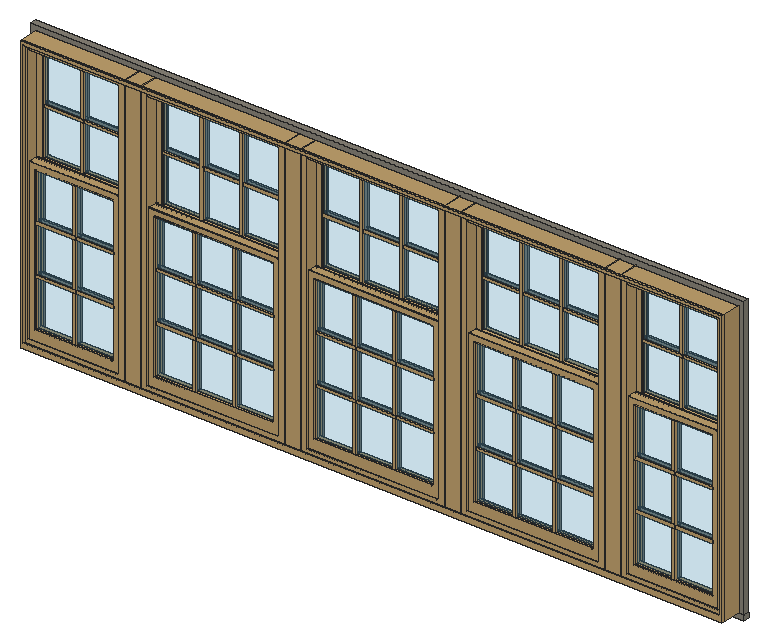
Revit family (continued)
Definition of nested family "Double_Hung-Marvin-Cottage_Style-Clad_Ultimate"
  Lines and regions (in)
    symbolic lines, style "WindowsFrameMullionProjection", detail levels coarse+medium
      curve 11: line (-9.40625, -2.46875, 32.5) -> (-9.40625, -4.21875, 32.5)
      curve 12: line (11.125, -2.46875, 32.5) -> (9.40625, -2.46875, 32.5)
      curve 13: line (9.40625, -4.21875, 32.5) -> (11.125, -4.21875, 32.5)
      curve 14: line (9.40625, -2.46875, 32.5) -> (9.40625, -4.21875, 32.5)
      curve 15: line (-9.40625, -2.46875, 32.5) -> (9.40625, -2.46875, 32.5)
      curve 16: line (-9.40625, -4.21875, 32.5) -> (9.40625, -4.21875, 32.5)
    symbolic lines, style "WindowsGlassProjection", detail levels coarse+medium
      curve 17: line (-9.40625, -3.34112, 32.5) -> (9.40625, -3.34112, 32.5)
    sketch lines
      curve 18: line (-11.0625, -0.21875, 65.375) -> (11.0625, -0.21875, 65.375)
      curve 19: line (-11.0625, -2.46875, 35.6875) -> (11.0625, -2.46875, 35.6875)
  Dimensions and locks (in)
    equal spacing: plane 5, plane 3 "Center (Left/Right)", plane 4
    "Unit Width": plane 5 to plane 4
    locked: plane 6 "Glazing" to plane 1 "Center (Front/Back)" at 0.5625
    locked: plane 7 to plane 1 "Center (Front/Back)" at 4.5625
    plane 2 to plane 8 = 8' - 0"
    "Height": plane 9 "Sill" to plane 8
    locked: plane 13 to Extrusion 2 sketch curve at 0.5
    locked: Extrusion 2 sketch curve to plane 15 at 0.5
    locked: plane 10 to Extrusion 2 sketch curve at 0.5
    locked: Extrusion 2 sketch curve to plane 11 at 0.5
    locked: plane 5 to plane 10 at 3.21875
    locked: plane 11 to plane 4 at 3.21875
    locked: plane 12 "Glazing 2" to plane 1 "Center (Front/Back)" at 2.8125
    locked: plane 13 to plane 8 at 3.21875
    locked: plane 9 "Sill" to plane 14 at 4.84375
    "DLO Height Top Sash": plane 15 to plane 13
    locked: plane 16 to plane 15 at 1.9375
    locked: Extrusion 5 sketch curve to plane 11 at 0.5
    locked: plane 10 to Extrusion 5 sketch curve at 0.5
    locked: Extrusion 5 sketch curve to plane 14 at 0.5
    locked: plane 16 to Extrusion 5 sketch curve at 0.5
    locked: plane 5 to curve 2 at 1.5
    locked: curve 6 to plane 4 at 1.5
    locked: plane 6 "Glazing" to Extrusion 2 at 0.15625
    locked: Extrusion 9 to cut or joined group of Sweep 3, Sweep 8 at 0.15625
    locked: plane 12 "Glazing 2" to Extrusion 5 at 0.15625
    locked: Extrusion 10 to cut or joined group of Sweep 4, Sweep 6 at 0.15625
    aligned and locked: Sweep 1 sketch curve to plane 4
    aligned and locked: plane 5 to Sweep 1 sketch curve
    aligned and locked: Sweep 1 sketch curve to plane 8
    aligned and locked: Extrusion 2 to plane 6 "Glazing"
    aligned and locked: plane 5 to Masking region 1 sketch curve
    aligned and locked: Masking region 1 sketch curve to plane 4
    aligned and locked: Masking region 1 sketch curve to plane 7
    aligned and locked: Sweep 3 sketch curve to plane 13
    aligned and locked: plane 15 to Sweep 3 sketch curve
    aligned and locked: Sweep 3 sketch curve to plane 11
    aligned and locked: plane 10 to Sweep 3 sketch curve
    aligned and locked: Sweep 4 sketch curve to plane 16
    aligned and locked: plane 10 to Sweep 4 sketch curve
    aligned and locked: Sweep 4 sketch curve to plane 11
    aligned and locked: plane 14 to Sweep 4 sketch curve
    aligned and locked: Extrusion 5 to plane 12 "Glazing 2"
    aligned and locked: plane 9 "Sill" to Sweep 1 sketch curve  (x2)
    aligned and locked: Sweep 7 sketch curve to plane 9 "Sill"
    aligned and locked: plane 5 to curve 4
    aligned and locked: curve 1 to plane 7
    aligned and locked: plane 4 to curve 8
    aligned and locked: plane 7 to curve 5
    aligned and locked: curve 14 to plane 11
    aligned and locked: curve 11 to plane 10
    aligned and locked: plane 6 "Glazing" to Extrusion 2
    aligned and locked: plane 12 "Glazing 2" to Extrusion 5
    aligned and locked: plane 4 to Sweep 7 sketch curve
    aligned and locked: plane 5 to Sweep 7 sketch curve
    aligned and locked: Split face 2 sketch curve to Split face 1
    aligned and locked: Split face 3 sketch curve to Split face 1  (x2)
    aligned and locked: Split face 4 sketch curve to Split face 2  (x2)
    aligned and locked: plane 12 "Glazing 2" to Split face 5 sketch curve
    aligned and locked: Split face 6 sketch curve to Split face 5
    aligned and locked: curve 10 to cut or joined group of Sweep 4, Sweep 6
    aligned and locked: curve 7 to cut or joined group of Sweep 1, Sweep 7
    aligned and locked: curve 9 to cut or joined group of Sweep 4, Sweep 6
    aligned and locked: curve 3 to cut or joined group of Sweep 1, Sweep 7
    aligned and locked: Extrusion 9 to cut or joined group of Sweep 3, Sweep 8
    aligned and locked: Extrusion 10 to cut or joined group of Sweep 4, Sweep 6
    aligned and locked: plane 16 to Split face 6 sketch curve
    aligned and locked: plane 16 to Split face 5 sketch curve
  Automatic sketch dimensions
    Masking region 1 sketch curve to plane 1 "Center (Front/Back)" = 0' - 1 3/32"
    plane 12 "Glazing 2" to curve 17 = 0' - 0.52862"
    Split face 1 sketch curve to cut or joined group of Sweep 1, Sweep 7 = 0' - 0"  (x2)
    Split face 1 sketch curve to cut or joined group of Sweep 1, Sweep 7 = 0' - 1 21/32"
    Split face 2 sketch curve to cut or joined group of Sweep 1, Sweep 7 = 0' - 0"  (x2)
    Split face 3 sketch curve to cut or joined group of Sweep 1, Sweep 7 = 0' - 0"
    Split face 4 sketch curve to cut or joined group of Sweep 1, Sweep 7 = 0' - 0"
    Split face 5 sketch curve to cut or joined group of Sweep 1, Sweep 7 = 0' - 0"  (x2)
    Split face 6 sketch curve to cut or joined group of Sweep 1, Sweep 7 = 0' - 0"  (x2)
    Extrusion 9 sketch curve to plane 10 = 0' - 0 1/2"
    plane 11 to Extrusion 9 sketch curve = 0' - 0 1/2"
    plane 13 to Extrusion 9 sketch curve = 0' - 0 1/2"
    Extrusion 10 sketch curve to plane 10 = 0' - 0 1/2"
    plane 11 to Extrusion 10 sketch curve = 0' - 0 1/2"
    Extrusion 10 sketch curve to plane 14 = 0' - 0 1/2"
    Extrusion 9 sketch curve to plane 15 = 0' - 0 1/2"
    plane 16 to Extrusion 10 sketch curve = 0' - 0 1/2"
Definition of nested family "Casing_Clad"
  Parameters (values of type "Casing_Clad")
    Width = 50' - 0"
    Subsill Visibility = yes
    Subsill Offset = if(Flat Casing Visibility, 0' 3", if(BMC Visibility, 0' 1 5/16", 0' 0"))  # 0' - 1 5/16"
    Subsill Height = 0' - 1 11/32"
    Height = 12' - 0"
    Flat Casing Visibility = no
    Cladding Finish = Aluminum-Marvin-Bronze
    Casing Offset = if(BMC Visibility, 0' 0 3/16", 0' 0")  # 0' - 0 3/16"
    BMC Visibility = yes
    Assembly Code = ""
  Reference planes (in)
    plane 1 "Center (Front/Back)": y = 0
    plane 2: z = 0
    plane 3 "Center (Left/Right)": x = 0
    plane 4: z = 144
    plane 5: x = -300
    plane 6: x = 300
    plane 7 "Subsill": z = -1.34375
    plane 8 "Offset S": z = -0.1875
  Forms (in)
    Sweep 1, solid, material "Aluminum-Marvin-Bronze" <- "Cladding Finish", visible <- "BMC Visibility"
      path origin (0, 0, 0) x (1, 0, 0) y (0, 0, 1)
        loop
          line (-300, -0.1875) -> (-300, 144) -> (300, 144) -> (300, -0.1875)
      profile "BMC_Clad : BMC_Clad" origin (300, 0, 71.90625) x (1, 0, 0) y (0, -1, 0)
        loop
          line (0.71589, -1.25) -> (1.3125, -1.25) -> (1.3125, 0) -> (0, 0) -> (0, -1.09375) -> (0.38081, -1.09375) -> (0.71589, -1.25)
    Sweep 2, solid, material "Aluminum-Marvin-Bronze" <- "Cladding Finish", visible <- "Flat Casing Visibility"
      path origin (0, 0, 0) x (1, 0, 0) y (0, 0, 1)
        loop
          line (-300, 0) -> (-300, 144) -> (300, 144) -> (300, 0)
      profile "Flat_Casing_Clad : Flat_Casing_Clad" origin (300, 0, 72) x (1, 0, 0) y (0, -1, 0)
        loop
          line (3, -1.09375) -> (3, 0) -> (0, 0) -> (0, -1.09375) -> (3, -1.09375)
    Sweep 3, solid, material "Aluminum-Marvin-Bronze" <- "Cladding Finish", visible <- "Subsill Visibility"
      path origin (0, 0, 0) x (1, 0, 0) y (0, 0, 1)
        loop
          line (-301.3125, 0) -> (301.3125, 0)
      profile origin (0, 0, 0) x (0, 0, 1) y (0, -1, 0)
        loop
          line (0, 0) -> (-1.34375, 0) -> (-1.34375, -1.34375) -> (-0.1875, -1.34375) -> (-0.15265, -1.09401) -> (0, -1.09401) -> (0, 0)
  Lines and regions (in)
    Masking region 1, visible <- "Flat Casing Visibility"
      outline origin (0, 0, 0) x (1, 0, 0) y (0, 1, 0)
        loop
          line (-300, 0) -> (-300, 1.09375) -> (-303, 1.09375) -> (-303, 0) -> (-300, 0)
    Masking region 2, visible <- "Flat Casing Visibility"
      outline origin (0, 0, 0) x (0, 1, 0) y (-1, 0, 0)
        loop
          line (0, -300) -> (0, -303) -> (1.09375, -303) -> (1.09375, -300) -> (0, -300)
    Masking region 3, visible <- "BMC Visibility"
      outline origin (0, 0, 0) x (1, 0, 0) y (0, 1, 0)
        loop
          line (300, 1.09375) -> (300, 0) -> (301.3125, 0) -> (301.3125, 1.25) -> (300.71589, 1.25) -> (300.38081, 1.09375) -> (300, 1.09375)
    Masking region 4, visible <- "BMC Visibility"
      outline origin (0, 0, 0) x (0, 1, 0) y (-1, 0, 0)
        loop
          line (1.09375, 300) -> (1.09375, 300.38081) -> (1.25, 300.71589) -> (1.25, 301.3125) -> (0, 301.3125) -> (0, 300) -> (1.09375, 300)
    Masking region 5, visible <- "Flat Casing Visibility"
      outline origin (0, 0, 0) x (0, 1, 0) y (0, 0, 1)
        loop
          line (1.09375, 147) -> (0, 147) -> (0, 144) -> (1.09375, 144) -> (1.09375, 147)
    Masking region 6, visible <- "BMC Visibility"
      outline origin (0, 0, 0) x (0, 1, 0) y (0, 0, 1)
        loop
          line (1.25, 145.3125) -> (0, 145.3125) -> (0, 144) -> (1.09375, 144) -> (1.09375, 144.38081) -> (1.25, 144.71589) -> (1.25, 145.3125)
    Masking region 7, visible <- "Subsill Visibility"
      outline origin (0, 0, 0) x (0, 1, 0) y (0, 0, 1)
        loop
          line (1.34375, -0.1875) -> (1.09401, -0.15265) -> (1.09401, 0) -> (0, 0) -> (0, -1.34375) -> (1.34375, -1.34375) -> (1.34375, -0.1875)
    symbolic lines, style "Frame/Mullion", visible <- "BMC Visibility", detail levels coarse+medium
      curve 1: line (-300.71589, 1.25, 0) -> (-301.3125, 1.25, 0)
      curve 2: line (-300.38081, 1.09375, 0) -> (-300.71589, 1.25, 0)
      curve 3: line (-300, 1.09375, 0) -> (-300.38081, 1.09375, 0)
      curve 4: line (-301.3125, 1.25, 0) -> (-301.3125, 0, 0)
      curve 9: line (301.3125, 0, 0) -> (301.3125, 1.25, 0)
      curve 10: line (301.3125, 1.25, 0) -> (300.71589, 1.25, 0)
      curve 11: line (300.71589, 1.25, 0) -> (300.38081, 1.09375, 0)
      curve 12: line (300.38081, 1.09375, 0) -> (300, 1.09375, 0)
      curve 19: line (0, 1.25, 145.3125) -> (0, 0, 145.3125)
      curve 20: line (0, 1.25, 144.71589) -> (0, 1.25, 145.3125)
      curve 21: line (0, 1.09375, 144.38081) -> (0, 1.25, 144.71589)
      curve 22: line (0, 1.09375, 144) -> (0, 1.09375, 144.38081)
    symbolic lines, style "Frame/Mullion", visible <- "Flat Casing Visibility", detail levels coarse+medium
      curve 5: line (-303, 1.09375, 0) -> (-303, 0, 0)
      curve 6: line (-300, 1.09375, 0) -> (-303, 1.09375, 0)
      curve 7: line (303, 0, 0) -> (303, 1.09375, 0)
      curve 8: line (303, 1.09375, 0) -> (300, 1.09375, 0)
      curve 17: line (0, 1.09375, 147) -> (0, 0, 147)
      curve 18: line (0, 1.09375, 144) -> (0, 1.09375, 147)
    symbolic lines, style "Frame/Mullion", visible <- "Subsill Visibility", detail levels coarse+medium
      curve 13: line (0, 1.09401, -0.15265) -> (0, 1.09401, 0)
      curve 14: line (0, 1.34375, -0.1875) -> (0, 1.09401, -0.15265)
      curve 15: line (0, 1.34375, -1.34375) -> (0, 1.34375, -0.1875)
      curve 16: line (0, 0, -1.34375) -> (0, 1.34375, -1.34375)
  Dimensions and locks (in)
    "Width": plane 6 to plane 5
    equal spacing: plane 6, plane 3 "Center (Left/Right)", plane 5
    "Height": plane 4 to plane 2
    "Casing Offset": level to plane 8 "Offset S"
    "Subsill Height": level to plane 7 "Subsill"
    locked: Sweep 3 sketch curve to Sweep 3 sketch curve at 1.34375
    locked: Sweep 3 sketch curve to profile plane at 0.1875
    "Subsill Offset": plane 5 to Sweep 3 sketch curve
    "Subsill Offset": Sweep 3 sketch curve to plane 6
    locked: curve 17 to plane 4 at 3
    locked: curve 18 to plane 1 "Center (Front/Back)" at 1.09375
    locked: curve 19 to plane 4 at 1.3125
    curve 21 to curve 22 to plane 4 = 0' - 0.33508" locked, 0' - 0.38081" locked
    locked: curve 20 to plane 1 "Center (Front/Back)" at 1.25
    aligned and locked: plane 4 to Sweep 1 sketch curve
    aligned and locked: plane 5 to Sweep 1 sketch curve
    aligned and locked: plane 4 to Sweep 2 sketch curve
    aligned and locked: plane 5 to Sweep 2 sketch curve
    aligned and locked: Masking region 1 sketch curve to Sweep 1
    aligned and locked: plane 1 "Center (Front/Back)" to Masking region 1 sketch curve
    aligned and locked: Sweep 2 to Masking region 1 sketch curve
    aligned and locked: Masking region 1 sketch curve to Sweep 2
    aligned and locked: Masking region 2 sketch curve to Sweep 2  (x3)
    aligned and locked: Sweep 2 to Masking region 2 sketch curve
    aligned and locked: Masking region 3 sketch curve to Sweep 2
    aligned and locked: Masking region 3 sketch curve to Sweep 1  (x4)
    aligned and locked: Sweep 1 to Masking region 3 sketch curve
    aligned and locked: Masking region 4 sketch curve to Sweep 2
    aligned and locked: Masking region 4 sketch curve to Sweep 1  (x5)
    aligned and locked: Masking region 5 sketch curve to Sweep 2  (x2)
    aligned and locked: Sweep 1 to Masking region 5 sketch curve
    aligned and locked: Masking region 5 sketch curve to Sweep 1
    aligned and locked: Masking region 6 sketch curve to Sweep 1  (x6)
    aligned and locked: Masking region 2 to curve 8
    aligned and locked: Masking region 3 to curve 10
    aligned and locked: Masking region 3 to curve 12
    aligned and locked: Sweep 2 sketch curve to plane 6
    aligned and locked: Sweep 1 sketch curve to plane 6
    aligned and locked: curve 5 to Sweep 2
    aligned and locked: curve 4 to Sweep 1
    aligned and locked: Sweep 1 to curve 1
    aligned and locked: curve 2 to Sweep 1
    aligned and locked: Sweep 1 to curve 3
    aligned and locked: curve 7 to Sweep 2
    aligned and locked: curve 9 to Sweep 1
    aligned and locked: curve 11 to Sweep 1
    aligned and locked: Sweep 1 sketch curve to plane 8 "Offset S"
    aligned and locked: plane 8 "Offset S" to Sweep 1 sketch curve
    aligned and locked: Sweep 3 sketch curve to plane 2
    aligned and locked: plane 7 "Subsill" to Sweep 3 sketch curve
    aligned and locked: plane 2 to Sweep 2 sketch curve
    aligned and locked: Sweep 2 sketch curve to plane 2
    aligned and locked: Masking region 7 sketch curve to Sweep 3  (x5)
    aligned and locked: Masking region 7 sketch curve to Sweep 2
    aligned and locked: curve 13 to Sweep 3
    aligned and locked: curve 14 to Sweep 3
    aligned and locked: curve 15 to Sweep 3
    aligned and locked: curve 16 to Sweep 3
    aligned and locked: Masking region 6 to curve 22
  Automatic sketch dimensions
    curve 4 to plane 1 "Center (Front/Back)" = 0' - 0"
    curve 5 to plane 1 "Center (Front/Back)" = 0' - 0"
    curve 7 to plane 1 "Center (Front/Back)" = 0' - 0"
    curve 9 to plane 1 "Center (Front/Back)" = 0' - 0"
    plane 5 to curve 6 = 0' - 0"
    curve 12 to plane 6 = 0' - 0"
    Sweep 3 sketch curve to Sweep 3 sketch curve = 0' - 0.03485"
    Sweep 3 sketch curve to Sweep 3 sketch curve = 0' - 0.15265"
    Sweep 3 sketch curve to plane 1 "Center (Front/Back)" = 0' - 1 11/32"
    Sweep 3 sketch curve to Sweep 3 sketch curve = 0' - 0.24974"
    curve 13 to level = 0' - 0"
    curve 16 to plane 1 "Center (Front/Back)" = 0' - 0"
    curve 17 to plane 1 "Center (Front/Back)" = 0' - 0"
    curve 19 to plane 1 "Center (Front/Back)" = 0' - 0"
    plane 4 to curve 22 = 0' - 0"
    curve 18 to curve 22 = 0' - 0"
Definition of nested family "Label Annotation 1-16 w3"
  Parameters (values of type "Label Annotation 1-16 w3")
    Mulled Units = 3
    Model = 0
    Egress Info = ""
    Description = "3668 DBHG CTTG"
  Reference planes (in)
    plane 1: y = 0
    plane 2: x = 0
  Text (in)
    label "Mulled Units X Model Description Egress Info" at (0.00375, -0.00345, 0), shows "Mulled Units", "Model", "Description", "Egress Info"
Definition of nested family "Plan_Detail"
  Parameters (values of type "Double_Hung_Plan_Detail")
    Width = 2' - 11 3/8"
    Casing Visibility = yes
    Assembly Code = ""
  Reference planes (in)
    plane 1 "Center (Front/Back)": y = 0
    plane 2: z = 0
    plane 3 "Center (Left/Right)": x = 0
    plane 4: x = -17.6875
    plane 5: x = 17.6875
  Lines and regions (in)
    detail lines, style "Cut Lines", in view "Ref. Level"
      curve 1: line (-15.0625, -0.60938, 0) -> (15.0625, -0.60938, 0)
      curve 2: line (-15.0625, -1.48438, 0) -> (15.0625, -1.48438, 0)
      curve 3: line (-15.0625, -0.73438, 0) -> (15.0625, -0.73438, 0)
      curve 4: line (-15.0625, -1.35937, 0) -> (15.0625, -1.35937, 0)
      curve 5: line (-15.0625, -2.85938, 0) -> (15.0625, -2.85938, 0)
      curve 6: line (-15.0625, -3.73438, 0) -> (15.0625, -3.73438, 0)
      curve 7: line (-15.0625, -2.98438, 0) -> (15.0625, -2.98438, 0)
      curve 8: line (-15.0625, -3.60937, 0) -> (15.0625, -3.60937, 0)
    detail lines, style "DetailComponentsHiddenLines", in view "Ref. Level"
      curve 9: line (-15.99964, 0.601, 0) -> (15.99964, 0.601, 0)
  Dimensions and locks (in)
    equal spacing: plane 4, plane 3 "Center (Left/Right)", plane 5
    "Width": plane 4 to plane 5
    aligned and locked: plane 5 to nested 1
    aligned and locked: nested 1 to plane 1 "Center (Front/Back)"
    aligned and locked: nested 2 to plane 4
    aligned and locked: plane 1 "Center (Front/Back)" to nested 2
    aligned and locked: nested 2 to curve 1
    aligned and locked: curve 1 to nested 2
    aligned and locked: curve 2 to nested 2  (x2)
    aligned and locked: curve 3 to nested 2
    aligned and locked: curve 4 to nested 2
    aligned and locked: nested 2 to curve 3
    aligned and locked: nested 1 to curve 3
    aligned and locked: nested 1 to curve 4
    aligned and locked: nested 2 to curve 4
    aligned and locked: nested 2 to curve 5
    aligned and locked: curve 5 to nested 2
    aligned and locked: curve 6 to nested 2  (x2)
    aligned and locked: curve 7 to nested 2
    aligned and locked: curve 8 to nested 2
    aligned and locked: nested 2 to curve 7
    aligned and locked: nested 1 to curve 7
    aligned and locked: nested 2 to curve 8
    aligned and locked: nested 1 to curve 8
    aligned and locked: nested 2 to curve 9  (x2)
  Automatic sketch dimensions
    curve 5 to curve 7 = 0' - 0"
    curve 6 to curve 8 = 0' - 0"
    curve 2 to curve 4 = 0' - 0"
    curve 1 to curve 3 = 0' - 0"
    curve 1 to curve 9 = 0' - 0.93714"
  Nested families (in)
    nested 1: "Jamb" at (17.6875, 0, 0) x (-1, 0, 0) z (0, 0, 1), type "Jamb", in view "Ref. Level"
    nested 2: "Jamb" at (-17.6875, 0, 0), type "Jamb", in view "Ref. Level"
  Definition of nested family "Jamb"
    Parameters (values of type "Jamb")
      Flange Visibility = not(Casing)  # no
      Casing = yes
      Assembly Code = ""
    Reference planes (in)
      plane 1 "Center (Front/Back)": y = 0
      plane 2: z = 0
      plane 3 "Center (Left/Right)": x = 0
    Lines and regions (in)
      detail lines, style "Cut Lines", in view "Ref. Level"
        curve 1: line (0, -1.09375, 0) -> (0, 4.5625, 0)
        curve 2: line (1.5, 4.5625, 0) -> (0, 4.5625, 0)
        curve 3: line (1.5, 0.125, 0) -> (1.5, 4.5625, 0)
        curve 4: line (1.78125, 0.125, 0) -> (1.5, 0.125, 0)
        curve 5: line (1.78125, -0.21875, 0) -> (1.78125, 0.125, 0)
        curve 6: line (0.59375, -1.09375, 0) -> (0.66381, -0.625, 0)
        curve 7: line (0, -1.09375, 0) -> (0.59375, -1.09375, 0)
        curve 8: line (1.59375, 1.96875, 0) -> (1.59375, 0.21875, 0)
        curve 9: line (3.0625, 0.21875, 0) -> (1.59375, 0.21875, 0)
        curve 10: line (3.0625, 0.36988, 0) -> (3.0625, 0.21875, 0)
        curve 11: line (3.25, 0.52655, 0) -> (3.0625, 0.36988, 0)
        curve 12: line (2.5, 0.5625, 0) -> (3.25, 0.5625, 0)
        curve 13: line (2.5, 1.53125, 0) -> (2.5, 0.5625, 0)
        curve 14: line (3.25, 1.53125, 0) -> (2.5, 1.53125, 0)
        curve 15: line (3.25, 1.68282, 0) -> (3.25, 1.53125, 0)
        curve 16: line (3.03099, 1.96875, 0) -> (3.03099, 1.90183, 0)
        curve 17: line (1.59375, 1.96875, 0) -> (3.03099, 1.96875, 0)
        curve 18: line (3.25, 0.5625, 0) -> (3.25, 0.52655, 0)
        curve 19: line (3.03099, 1.90183, 0) -> (3.25, 1.68282, 0)
        curve 20: line (2.625, 1.48438, 0) -> (2.625, 0.60937, 0)
        curve 21: line (2.9375, 1.35937, 0) -> (2.9375, 0.73438, 0)
        curve 27: line (1.49386, -0.625, 0) -> (0.66381, -0.625, 0)
        curve 28: line (1.49386, -0.39825, 0) -> (1.49386, -0.625, 0)
        curve 29: line (1.61586, -0.39825, 0) -> (1.49386, -0.39825, 0)
        curve 30: line (1.68786, -0.35, 0) -> (1.68786, -0.601, 0)
        curve 31: line (1.61586, -0.601, 0) -> (1.61586, -0.39825, 0)
        curve 32: line (1.61586, -0.601, 0) -> (1.68786, -0.601, 0)
        curve 33: line (1.59786, -0.21875, 0) -> (1.59786, -0.35, 0)
        curve 34: line (1.59786, -0.35, 0) -> (1.68786, -0.35, 0)
        curve 35: line (0.9375, -0.625, 0) -> (0.9375, -0.21875, 0)
        curve 36: line (0.9375, -0.21875, 0) -> (1.78125, -0.21875, 0)
        curve 37: line (1.59375, 4.21875, 0) -> (1.59375, 2.46875, 0)
        curve 38: line (3.0625, 2.46875, 0) -> (1.59375, 2.46875, 0)
        curve 39: line (3.0625, 2.61988, 0) -> (3.0625, 2.46875, 0)
        curve 40: line (3.25, 2.77655, 0) -> (3.0625, 2.61988, 0)
        curve 41: line (2.5, 2.8125, 0) -> (3.25, 2.8125, 0)
        curve 42: line (2.5, 3.78125, 0) -> (2.5, 2.8125, 0)
        curve 43: line (3.25, 3.78125, 0) -> (2.5, 3.78125, 0)
        curve 44: line (3.25, 3.93282, 0) -> (3.25, 3.78125, 0)
        curve 45: line (3.03099, 4.21875, 0) -> (3.03099, 4.15183, 0)
        curve 46: line (1.59375, 4.21875, 0) -> (3.03099, 4.21875, 0)
        curve 47: line (3.25, 2.8125, 0) -> (3.25, 2.77655, 0)
        curve 48: line (3.03099, 4.15183, 0) -> (3.25, 3.93282, 0)
        curve 49: line (2.625, 3.73438, 0) -> (2.625, 2.85938, 0)
        curve 50: line (2.9375, 3.60937, 0) -> (2.9375, 2.98438, 0)
      detail lines, style "Cut Lines", in view "Ref. Level", visible <- "Flange Visibility"
        curve 22: line (-1.5, 0, 0) -> (-0.15, 0, 0)
        curve 23: line (0, -0.04501, 0) -> (-1.5, -0.04501, 0)
        curve 24: line (-1.5, -0.04501, 0) -> (-1.5, 0, 0)
        curve 25: line (-0.15, 0.10999, 0) -> (0, 0.10999, 0)
        curve 26: line (-0.15, 0, 0) -> (-0.15, 0.10999, 0)
Definition of nested family "Double_Hung_Section_Detail"
  Parameters (values of type "Double_Hung_Section_Detail")
    Subsill Visibility = yes
    Height = 5' - 3 1/2"
    DLO Height Top Sash = 2' - 2 3/4"
    Casing Visibility = yes
    Assembly Code = ""
  Reference planes (in)
    plane 1: z = 0
    plane 2 "Center (Left/Right)": x = 0
    plane 3: y = 31.75
    plane 4: y = 28.53125
    plane 5: y = -31.75
    plane 6: y = -26.90625
    plane 7: y = 1.78125
    plane 8: y = -0.15625
    plane 9: y = 0.8125
  Lines and regions (in)
    detail lines, style "Cut Lines", in view "Ref. Level"
      curve 1: line (-1.48438, 1.15625, 0) -> (-1.48438, 29.15625, 0)
      curve 2: line (-0.60938, 1.15625, 0) -> (-0.60938, 29.15625, 0)
      curve 3: line (-1.35938, 1.15625, 0) -> (-1.35938, 29.15625, 0)
      curve 4: line (-0.73438, 1.15625, 0) -> (-0.73438, 29.15625, 0)
      curve 5: line (-3.73437, -27.53125, 0) -> (-3.73437, 0.46875, 0)
      curve 6: line (-2.85937, -27.53125, 0) -> (-2.85937, 0.46875, 0)
      curve 7: line (-3.60937, -27.53125, 0) -> (-3.60937, 0.46875, 0)
      curve 8: line (-2.98437, -27.53125, 0) -> (-2.98437, 0.46875, 0)
    detail lines, style "DetailComponentsHiddenLines", in view "Ref. Level"
      curve 9: line (0.601, -30.21839, 0) -> (0.601, 30.06214, 0)
  Dimensions and locks (in)
    plane 3 to plane 4 = 0' - 3 7/32"
    plane 5 to plane 6 = 0' - 4 27/32"
    "Height": plane 3 to plane 5
    "DLO Height Top Sash": plane 4 to plane 7
    plane 8 to plane 9 to plane 7 = 0' - 0 31/32" locked, 0' - 0 31/32" locked
    aligned and locked: plane 2 "Center (Left/Right)" to nested 1
    aligned and locked: nested 1 to plane 5
    aligned and locked: plane 2 "Center (Left/Right)" to nested 2
    aligned and locked: plane 3 to nested 2
    aligned and locked: plane 2 "Center (Left/Right)" to nested 3
    aligned and locked: curve 1 to nested 3  (x2)
    aligned and locked: nested 3 to curve 2
    aligned and locked: curve 2 to nested 3
    aligned and locked: curve 3 to nested 3
    aligned and locked: nested 2 to curve 3
    aligned and locked: nested 3 to curve 3
    aligned and locked: curve 4 to nested 3
    aligned and locked: nested 2 to curve 4
    aligned and locked: nested 3 to curve 4
    aligned and locked: curve 5 to nested 1  (x2)
    aligned and locked: nested 1 to curve 6
    aligned and locked: curve 6 to nested 1
    aligned and locked: curve 7 to nested 1
    aligned and locked: curve 8 to nested 1
    aligned and locked: nested 3 to curve 7
    aligned and locked: nested 1 to curve 7
    aligned and locked: nested 1 to curve 8
    aligned and locked: nested 3 to curve 8
    aligned and locked: nested 1 to curve 9  (x2)
    aligned and locked: nested 3 to plane 9
  Automatic sketch dimensions
    curve 4 to curve 2 = 0' - 0 1/8"
    curve 5 to curve 7 = 0' - 0"
    curve 6 to curve 8 = 0' - 0"
    curve 2 to curve 4 = 0' - 0"
    curve 1 to curve 3 = 0' - 0"
    curve 2 to curve 9 = 0' - 0.90589"
  Nested families (in)
    nested 1: "Sill" at (0, -31.75, 0) x (-1, 0, 0) z (0, 0, 1), type "Sill", in view "Ref. Level"
    nested 2: "Head" at (0, 31.75, 0) x (-1, 0, 0) z (0, 0, 1), type "Head", in view "Ref. Level"
    nested 3: "Checkrail" at (0, 0.8125, 0) x (-1, 0, 0) z (0, 0, 1), type "Checkrail", in view "Ref. Level"
  Definition of nested family "Sill"
    Parameters (values of type "Jamb")
      Flange Visibility = not(Casing)  # no
      Casing = yes
      Assembly Code = ""
    Reference planes (in)
      plane 1 "Center (Front/Back)": y = 0
      plane 2: z = 0
      plane 3 "Center (Left/Right)": x = 0
    Lines and regions (in)
      detail lines, style "Cut Lines", in view "Ref. Level"
        curve 1: line (-1.09375, 0, 0) -> (4.5625, 0, 0)
        curve 2: line (4.5625, 2.22769, 0) -> (4.5625, 0, 0)
        curve 3: line (3.3125, 1.6875, 0) -> (4.3125, 1.6875, 0)
        curve 4: line (-1.09375, 0.59375, 0) -> (-0.23437, 0.72218, 0)
        curve 5: line (-1.09375, 0, 0) -> (-1.09375, 0.59375, 0)
        curve 6: line (-0.625, 1.33761, 0) -> (-0.625, 0.78125, 0)
        curve 7: line (-0.39825, 1.33761, 0) -> (-0.625, 1.33761, 0)
        curve 8: line (-0.39825, 1.45961, 0) -> (-0.39825, 1.33761, 0)
        curve 9: line (-0.35, 1.53161, 0) -> (-0.601, 1.53161, 0)
        curve 10: line (-0.601, 1.45961, 0) -> (-0.39825, 1.45961, 0)
        curve 11: line (-0.601, 1.45961, 0) -> (-0.601, 1.53161, 0)
        curve 12: line (-0.25, 1.44161, 0) -> (-0.35, 1.44161, 0)
        curve 13: line (-0.35, 1.44161, 0) -> (-0.35, 1.53161, 0)
        curve 14: line (-0.625, 0.78125, 0) -> (-0.25, 0.78125, 0)
        curve 15: line (-0.25, 0.78125, 0) -> (-0.25, 1.44161, 0)
        curve 16: line (4.21875, 1.90625, 0) -> (2.71875, 1.90625, 0)
        curve 17: line (2.46875, 4.65625, 0) -> (2.46875, 1.55765, 0)
        curve 18: line (2.61988, 4.65625, 0) -> (2.46875, 4.65625, 0)
        curve 19: line (2.77655, 4.84375, 0) -> (2.61988, 4.65625, 0)
        curve 20: line (2.8125, 4.09375, 0) -> (2.8125, 4.84375, 0)
        curve 21: line (3.78125, 4.09375, 0) -> (2.8125, 4.09375, 0)
        curve 22: line (3.78125, 4.84375, 0) -> (3.78125, 4.09375, 0)
        curve 23: line (3.93282, 4.84375, 0) -> (3.78125, 4.84375, 0)
        curve 24: line (4.21875, 4.62474, 0) -> (4.15183, 4.62474, 0)
        curve 25: line (4.21875, 1.90625, 0) -> (4.21875, 4.62474, 0)
        curve 26: line (2.8125, 4.84375, 0) -> (2.77655, 4.84375, 0)
        curve 27: line (4.15183, 4.62474, 0) -> (3.93282, 4.84375, 0)
        curve 28: line (3.73438, 4.21875, 0) -> (2.85938, 4.21875, 0)
        curve 29: line (3.60938, 4.53125, 0) -> (2.98438, 4.53125, 0)
        curve 35: line (4.5625, 2.22769, 0) -> (4.3125, 2.22769, 0)
        curve 36: line (4.3125, 2.22769, 0) -> (4.3125, 1.6875, 0)
        curve 37: line (3.3125, 1.6875, 0) -> (-0.23437, 0.80316, 0)
        curve 38: line (-0.23437, 0.80316, 0) -> (-0.23437, 0.72218, 0)
        curve 39: line (2.46875, 1.55765, 0) -> (2.71875, 1.61998, 0)
        curve 40: line (2.71875, 1.90625, 0) -> (2.71875, 1.61998, 0)
      detail lines, style "Cut Lines", in view "Ref. Level", visible <- "Flange Visibility"
        curve 30: line (-0.04501, -1.25, 0) -> (-0.04501, -0.04688, 0)
        curve 31: line (0, 0, 0) -> (0, -1.25, 0)
        curve 32: line (0, -1.25, 0) -> (-0.04501, -1.25, 0)
        curve 33: line (-0.28125, -0.04688, 0) -> (-0.28125, 0, 0)
        curve 34: line (-0.04501, -0.04688, 0) -> (-0.28125, -0.04688, 0)
  Definition of nested family "Head"
    Parameters (values of type "Head")
      Flange Visibility = not(Casing)  # no
      Casing = yes
      Assembly Code = ""
    Reference planes (in)
      plane 1 "Center (Front/Back)": y = 0
      plane 2: z = 0
      plane 3 "Center (Left/Right)": x = 0
    Lines and regions (in)
      detail lines, style "Cut Lines", in view "Ref. Level"
        curve 1: line (-1.09375, 0, 0) -> (4.5625, 0, 0)
        curve 2: line (4.5625, -0.68686, 0) -> (4.5625, 0, 0)
        curve 3: line (2.06079, -1.5, 0) -> (2.68579, -1.5, 0)
        curve 4: line (0.125, -1.78125, 0) -> (0.125, -1.375, 0)
        curve 5: line (-0.21875, -1.78125, 0) -> (0.125, -1.78125, 0)
        curve 6: line (-1.09375, -0.59375, 0) -> (-0.625, -0.66381, 0)
        curve 7: line (-1.09375, 0, 0) -> (-1.09375, -0.59375, 0)
        curve 8: line (0.75049, -1.5625, 0) -> (0.21875, -1.5625, 0)
        curve 9: line (0.21875, -3.03125, 0) -> (0.21875, -1.5625, 0)
        curve 10: line (0.36988, -3.03125, 0) -> (0.21875, -3.03125, 0)
        curve 11: line (0.52655, -3.21875, 0) -> (0.36988, -3.03125, 0)
        curve 12: line (0.5625, -2.46875, 0) -> (0.5625, -3.21875, 0)
        curve 13: line (1.53125, -2.46875, 0) -> (0.5625, -2.46875, 0)
        curve 14: line (1.53125, -3.21875, 0) -> (1.53125, -2.46875, 0)
        curve 15: line (1.68282, -3.21875, 0) -> (1.53125, -3.21875, 0)
        curve 16: line (1.96875, -2.99974, 0) -> (1.90183, -2.99974, 0)
        curve 17: line (1.96875, -0.81212, 0) -> (1.96875, -2.99974, 0)
        curve 18: line (0.5625, -3.21875, 0) -> (0.52655, -3.21875, 0)
        curve 19: line (1.90183, -2.99974, 0) -> (1.68282, -3.21875, 0)
        curve 20: line (1.48438, -2.59375, 0) -> (0.60938, -2.59375, 0)
        curve 21: line (1.35938, -2.90625, 0) -> (0.73438, -2.90625, 0)
        curve 27: line (-0.625, -1.49386, 0) -> (-0.625, -0.66381, 0)
        curve 28: line (-0.39825, -1.49386, 0) -> (-0.625, -1.49386, 0)
        curve 29: line (-0.39825, -1.61586, 0) -> (-0.39825, -1.49386, 0)
        curve 30: line (-0.35, -1.68786, 0) -> (-0.601, -1.68786, 0)
        curve 31: line (-0.601, -1.61586, 0) -> (-0.39825, -1.61586, 0)
        curve 32: line (-0.601, -1.61586, 0) -> (-0.601, -1.68786, 0)
        curve 33: line (-0.21875, -1.59786, 0) -> (-0.35, -1.59786, 0)
        curve 34: line (-0.35, -1.59786, 0) -> (-0.35, -1.68786, 0)
        curve 35: line (-0.625, -0.9375, 0) -> (-0.21875, -0.9375, 0)
        curve 36: line (-0.21875, -0.9375, 0) -> (-0.21875, -1.78125, 0)
        curve 37: line (4.5625, -0.68686, 0) -> (2.68579, -0.68686, 0)
        curve 38: line (2.68579, -0.68686, 0) -> (2.68579, -1.5, 0)
        curve 39: line (2.06079, -0.68686, 0) -> (0.21875, -0.68686, 0)
        curve 40: line (2.06079, -0.68686, 0) -> (2.06079, -1.5, 0)
        curve 41: line (0.21875, -0.68686, 0) -> (0.21875, -1.1875, 0)
        curve 42: line (0.29688, -1.375, 0) -> (0.125, -1.375, 0)
        curve 43: line (1.96875, -0.81212, 0) -> (0.87453, -0.81212, 0)
        curve 44: line (0.87453, -0.81212, 0) -> (0.87453, -1.25087, 0)
        curve 45: line (0.87453, -1.25087, 0) -> (0.75049, -1.51688, 0)
        curve 46: line (0.75049, -1.51688, 0) -> (0.75049, -1.5625, 0)
        curve 47: line (0.29688, -1.1875, 0) -> (0.29688, -1.375, 0)
        curve 48: line (0.21875, -1.1875, 0) -> (0.29688, -1.1875, 0)
      detail lines, style "Cut Lines", in view "Ref. Level", visible <- "Flange Visibility"
        curve 22: line (0, 1.5, 0) -> (0, 0.15, 0)
        curve 23: line (-0.04501, 0, 0) -> (-0.04501, 1.5, 0)
        curve 24: line (-0.04501, 1.5, 0) -> (0, 1.5, 0)
        curve 25: line (0.10999, 0.15, 0) -> (0.10999, 0, 0)
        curve 26: line (0, 0.15, 0) -> (0.10999, 0.15, 0)
  Definition of nested family "Checkrail"
    Parameters (values of type "Jamb")
      Flange Visibility = not(Casing)  # no
      Casing = yes
      Assembly Code = ""
    Reference planes (in)
      plane 1 "Center (Front/Back)": y = 0
      plane 2: z = 0
      plane 3 "Center (Left/Right)": x = 0
    Lines and regions (in)
      detail lines, style "Cut Lines", in view "Ref. Level"
        curve 1: line (4.21875, 0.75, 0) -> (2.1875, 0.75, 0)
        curve 2: line (2.46875, -0.78125, 0) -> (2.46875, -0.34375, 0)
        curve 3: line (2.61988, -0.78125, 0) -> (2.46875, -0.78125, 0)
        curve 4: line (2.77655, -0.96875, 0) -> (2.61988, -0.78125, 0)
        curve 5: line (2.8125, -0.21875, 0) -> (2.8125, -0.96875, 0)
        curve 6: line (3.78125, -0.21875, 0) -> (2.8125, -0.21875, 0)
        curve 7: line (3.78125, -0.96875, 0) -> (3.78125, -0.21875, 0)
        curve 8: line (3.93282, -0.96875, 0) -> (3.78125, -0.96875, 0)
        curve 9: line (4.21875, -0.74974, 0) -> (4.15183, -0.74974, 0)
        curve 10: line (4.21875, 0.75, 0) -> (4.21875, -0.74974, 0)
        curve 11: line (2.8125, -0.96875, 0) -> (2.77655, -0.96875, 0)
        curve 12: line (4.15183, -0.74974, 0) -> (3.93282, -0.96875, 0)
        curve 13: line (3.73438, -0.34375, 0) -> (2.85938, -0.34375, 0)
        curve 14: line (3.60938, -0.65625, 0) -> (2.98438, -0.65625, 0)
        curve 15: line (2.35938, -0.78125, 0) -> (0.21875, -0.78125, 0)
        curve 16: line (0.21875, 0.78125, 0) -> (0.21875, -0.78125, 0)
        curve 17: line (0.36988, 0.78125, 0) -> (0.21875, 0.78125, 0)
        curve 18: line (0.52655, 0.96875, 0) -> (0.36988, 0.78125, 0)
        curve 19: line (0.5625, 0.21875, 0) -> (0.5625, 0.96875, 0)
        curve 20: line (1.53125, 0.21875, 0) -> (0.5625, 0.21875, 0)
        curve 21: line (1.53125, 0.96875, 0) -> (1.53125, 0.21875, 0)
        curve 22: line (1.68282, 0.96875, 0) -> (1.53125, 0.96875, 0)
        curve 23: line (2.09375, 0.74974, 0) -> (1.90183, 0.74974, 0)
        curve 24: line (2.09375, -0.73437, 0) -> (2.09375, 0.74974, 0)
        curve 25: line (0.5625, 0.96875, 0) -> (0.52655, 0.96875, 0)
        curve 26: line (1.90183, 0.74974, 0) -> (1.68282, 0.96875, 0)
        curve 27: line (1.48438, 0.34375, 0) -> (0.60938, 0.34375, 0)
        curve 28: line (1.35938, 0.65625, 0) -> (0.73438, 0.65625, 0)
        curve 29: line (2.1875, -0.62373, 0) -> (2.1875, 0.75, 0)
        curve 30: line (2.46875, -0.34375, 0) -> (2.23484, -0.34375, 0)
        curve 31: line (2.1875, -0.62373, 0) -> (2.23484, -0.62373, 0)
        curve 32: line (2.23484, -0.62373, 0) -> (2.23484, -0.34375, 0)
        curve 33: line (2.35938, -0.4375, 0) -> (2.35938, -0.78125, 0)
        curve 34: line (2.35938, -0.4375, 0) -> (2.31297, -0.4375, 0)
        curve 35: line (2.31297, -0.4375, 0) -> (2.31297, -0.73437, 0)
        curve 36: line (2.31297, -0.73437, 0) -> (2.09375, -0.73437, 0)
        curve 37: line (-0.53064, 0.34375, 0) -> (-0.24939, 0.34375, 0)
        curve 38: line (-0.53064, -0.40625, 0) -> (-0.53064, 0.34375, 0)
        curve 39: line (-0.24939, -0.40625, 0) -> (-0.53064, -0.40625, 0)
        curve 40: line (-0.24939, 0.34375, 0) -> (-0.24939, -0.40625, 0)
Definition of nested family "Label Annotation 1-16 w7"
  Parameters (values of type "Label Annotation 1-16 w7")
    Model = 3248
    Label = ""
    Egress Info = "EGRESS WDW"
    Description = "CSMT"
  Reference planes (in)
    plane 1: y = 0
    plane 2: x = 0
  Text (in)
    label "Model Description\n\nEgress Info" at (0.00375, -0.00345, 0), shows "Model", "Description", "Egress Info"
